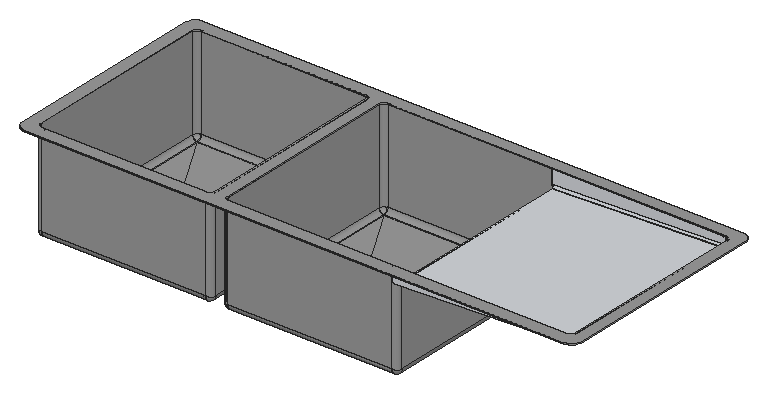
Revit family "BUILDMAT-SNA01019-Orlando-1125-Drainboard-Stainless-Steel", category Plumbing Fixtures, host Face, Revit 2020 (continued)
Definition of nested family "TMB_Front"
  Lines and regions (mm)
    Masking region 1, in view "Ref. Level"
      outline origin (0, 0, 0) x (1, 0, 0) y (0, 1, 0)
        loop
          line (-17.5, 0) -> (-17.5, -80) -> (17.5, -80) -> (17.5, 0) -> (-17.5, 0)
    detail lines, in view "Ref. Level"
      curve 1: line (-17.5, 0, 0) -> (-17.5, -80, 0)
      curve 2: line (-17.5, -80, 0) -> (17.5, -80, 0)
      curve 3: line (17.5, -80, 0) -> (17.5, 0, 0)
      curve 4: line (-12.5, -50, 0) -> (12.5, -50, 0)
      curve 5: line (-12.5, -75, 0) -> (-12.5, -50, 0)
      curve 6: line (12.5, -75, 0) -> (-12.5, -75, 0)
      curve 7: line (12.5, -50, 0) -> (12.5, -75, 0)
Definition of nested family "SP_Front"
  Reference planes
    plane 1 "Center (Elevation)": y = 0
    plane 2: z = 0
    plane 3 "Center (Left/Right)": x = 0
  Lines and regions (mm)
    Masking region 1, in view "Ref. Level"
      outline origin (0, 0, 0) x (1, 0, 0) y (0, 1, 0)
        loop
          arc (-50, 40) -> (-57.071, 37.071) -> (-60, 30) r 10
          line (-60, 30) -> (-60, -30)
          arc (-60, -30) -> (-57.071, -37.071) -> (-50, -40) r 10
          line (-50, -40) -> (50, -40)
          arc (50, -40) -> (57.071, -37.071) -> (60, -30) r 10
          line (60, -30) -> (60, 30)
          arc (60, 30) -> (57.071, 37.071) -> (50, 40) r 10
          line (50, 40) -> (-50, 40)
    detail lines, in view "Ref. Level"
      curve 1: line (-50, 40, 0) -> (50, 40, 0)
      curve 2: line (50, -40, 0) -> (-50, -40, 0)
      curve 3: line (60, 30, 0) -> (60, -30, 0)
      curve 4: line (-60, 30, 0) -> (-60, -30, 0)
      curve 5: arc (-50, 40, 0) -> (-57.071, 37.071, 0) -> (-60, 30, 0) r 10
      curve 6: arc (-60, -30, 0) -> (-57.071, -37.071, 0) -> (-50, -40, 0) r 10
      curve 7: arc (50, -40, 0) -> (57.071, -37.071, 0) -> (60, -30, 0) r 10
      curve 8: arc (60, 30, 0) -> (57.071, 37.071, 0) -> (50, 40, 0) r 10
  Dimensions and locks
    aligned and locked: Masking region 1 sketch curve to curve 1
    aligned and locked: Masking region 1 sketch curve to curve 4
    aligned and locked: Masking region 1 sketch curve to curve 2
    aligned and locked: Masking region 1 sketch curve to curve 3
Definition of nested family "GB_Plan"
  Reference planes
    plane 1 "Center (Front/Back)": y = 0
    plane 2: z = 0
    plane 3 "Center (Left/Right)": x = 0
  Lines and regions (mm)
    detail lines, in view "Ref. Level"
      curve 1: line (-10, 0, 0) -> (10, 0, 0)
      curve 2: line (-10, 0, 0) -> (-10, 10, 0)
      curve 3: line (10, 0, 0) -> (10, 10, 0)
      curve 4: line (-10, 10, 0) -> (-6.464, 13.536, 0)
      curve 5: line (10, 10, 0) -> (6.464, 13.536, 0)
